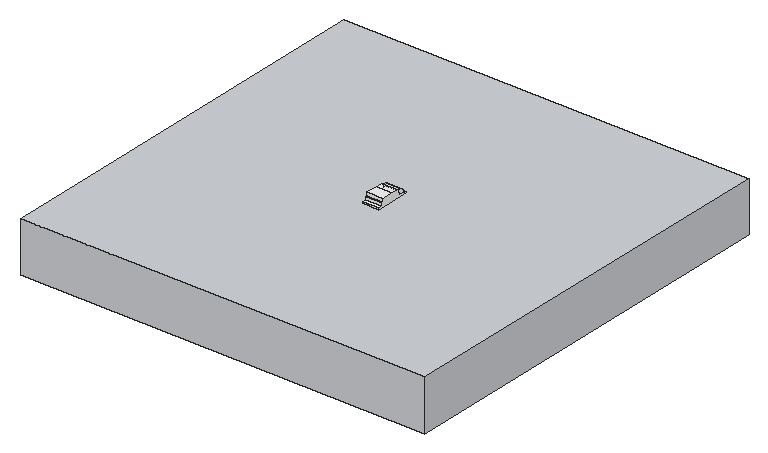
Revit family "Legrand_Lighting_Management_SCS_Actuator", category Dispositifs d'éclairage, Revit 2020
Family settings
  Hôte = Face
  Conserver l'orientation des annotations = Non
  Cote de connecteur circulaire = Utiliser le diamètre
  Type d'élément = Normal
  Couper avec des vides une fois chargée = Non
  Partagée = Non
  Point de calcul de pièce = Non
Parameters (values of type "Dimming 0-10V 2 outputs")
  Voltage type = ""
  Variation DALI 4 sorties = no
  Variation 0-10V 4 sorties = no
  Variation 0-10V 2 sorties = yes
  URL = "http://www.legrandoc.com/048842"
  Temperature (MIN) (°C) = 0
  Temperature (MAX) (°C) = 0
  Suitable for wireless transmission = no
  Substation input = yes
  Response value sensitivity adjustable = no
  Response value luminosity adjustable = no
  Response value luminosity (MIN) (lx) = 0
  Response value luminosity (MAX) (lx) = 0
  Remote operation = no
  RAL-number (akin) = 0
  ON/OFF 2 sorties 16A = no
  Nominal voltage (V) = 0
  Multi applications 2 sorties éclairage, 1 sortie volet et 1 sortie VMC = no
  Mounting method = "Surface mounted (plaster)"
  Modèle = "048842"
  Model = "Control module"
  Min. switch-on time (s) = 0
  Maximum mounting height (m) = 0
  Max. transmission range sideways (m) = 0
  Max. transmission range frontally (m) = 0
  Max. switching power (W) = 0
  Max. starting current (A) = 0
  Max. duty cycle (mn) = 0
  Liaison neutre = no
  HVAC-control = no
  General Conditions of Use = "https://export.legrand.com/en/terms-of-use-BIM-objects"
  Frequency (MIN) (Hz) = 50
  Frequency (MAX) (Hz) = 60
  Forced switch off = no
  Fabricant = "Legrand"
  Default Elevation = 1219.2 mm
  Types de modélisations = Modelisation 84 : Ref 048842
  Dim function with dimmer basic element = no
  Diameter detection range on floor (m) = 0
  Detection angle horizontal (MIN) (°) = 0
  Detection angle horizontal (MAX) (°) = 0
  Description = "Lighting management-dimmer room controller-ceiling mounting-2 outputs 0/10 V"
  Degree of protection (IP) = "IP20"
  Cosses d'artère secondaire = no
  Constant light control = no
  Colour = none
  Collecteur de terre = no
  Alarm function = no
Types (7, lengths in mm): name | Variation DALI 4 sorties | Variation 0-10V 4 sorties | Variation 0-10V 2 sorties | URL | Substation input | ON/OFF 2 sorties 16A | Multi applications 2 sorties éclairage, 1 sortie volet et 1 sortie VMC | Mounting method | Modèle | Model | Max. switching power (W) | Frequency (MIN) (Hz) | Frequency (MAX) (Hz) | Types de modélisations | Description
  (no name) | no | no | yes | "http://www.legrandoc.com/048842" | yes | no | no | "Surface mounted (plaster)" | "048842" | "Control module" | 0 | 50 | 60 | Modelisation 84 : Ref 048842 | "Lighting management-dimmer room controller-ceiling mounting-2 outputs 0/10 V"
  ON/OFF 2 outputs 16A | no | no | no | "http://www.legrandoc.com/048841" | no | yes | no | "Wall duct" | "048841" | "" | 3680 | 0 | 0 | Modelisation 84 : Ref 048841 | "Lighting management-room controller ON/OFF-ceiling mounting-2 outputs-16 A"
  Dimming 0-10V 2 outputs | no | no | yes | "http://www.legrandoc.com/048842" | yes | no | no | "Surface mounted (plaster)" | "048842" | "Control module" | 0 | 50 | 60 | Modelisation 84 : Ref 048842 | "Lighting management-dimmer room controller-ceiling mounting-2 outputs 0/10 V"
  Dimming 0-10V 4 outputs | no | yes | no | "http://www.legrandoc.com/048843" | yes | no | no | "Surface mounted (plaster)" | "048843" | "Control module" | 0 | 50 | 60 | Modelisation 85 : Modelisation 85 | "Lighting management-dimmer room controller-ceiling mounting-4 outputs 0/10 V"
  Dimming DALI 4 outputs | yes | no | no | "http://www.legrandoc.com/048844" | yes | no | no | "Surface mounted (plaster)" | "048844" | "Control module" | 0 | 50 | 60 | Modelisation 85 : Modelisation 85 | "Lighting management-dimmer room controller-8 outputs for DALI ballasts"
  Multi app 2 light output, 1 shutter output, 1 CMV output | no | no | no | "http://www.legrandoc.com/048847" | no | no | yes | "Other" | "048847" | "Control module" | 0 | 50 | 60 | Modelisation 85 : Modelisation 85 | "Lighting management-room controller ON/OFF-2 outputs blind/shutter control-16 A"
  Halogen Dimming BT/TBT 2 outputs | no | no | no | "http://www.legrandoc.com/048845" | yes | no | no | "Surface mounted (plaster)" | "048845" | "Control module" | 0 | 50 | 60 | Modelisation 86 : Modelisation 86 | "Lighting management-dimmer room controller-ceiling mounting-2 outputs all load"
Reference planes
  plane 1 "Centre (avant/arrière)": y = 0
  plane 2: z = 0
  plane 3 "Centre (gauche/droite)": x = 0
Forms (mm)
  Extrusion 1, solid
    sketch origin (0, 0, 0) x (1, 0, 0) y (0, 1, 0)
      loop
        line (-1219.2, 1219.2) -> (-1219.2, -1219.2) -> (1219.2, -1219.2) -> (1219.2, 1219.2) -> (-1219.2, 1219.2)
    from 0 to -304.8
Dimensions and locks
  aligned and locked: plane 2 to Extrusion 1
  aligned and locked: level to Extrusion 1
Nested families
  nested 1: "Modelisation 84" at (-25.75, 0, 0), type <- "Types de modélisations", type "Ref 048842"
    with Largeur 95.5 mm, Commande 048842 yes, Commande 048841 no
Connectors
  electrical at (0, 0, 0)
    settings: index 1, voltage 230 V, apparent load 0 VA, apparent load phase1 0 VA, apparent load phase2 0 VA, apparent load phase3 0 VA, power factor 1, load classification "Eclairage", number of poles 1, system type 30, power factor state 1, is connector primary yes, connector utility no, sub classification motor no, connector description ""
Definition of nested family "Modelisation 84"
  Parameters (values of type "Modelisaton 84 -  048841")
    Matériau couleur = none
    Longueur = 207 mm
    Largeur = 70.5 mm
    built-in parameter 1140140 [instance] = 1 (stored number, unit not read)
    Hauteur = 49 mm
    Default Elevation = 0 mm
    D2 = 7.5 mm
    D1 = 15 mm
    built-in parameter 1140142 [instance] = -1
    Commande 048842 = no
    Commande 048841 = yes
    built-in parameter 1155100 [instance] = -1
  Types (3, lengths in mm): name | Largeur | Commande 048842 | Commande 048841
    (no name) | 70.5 | no | yes
    Modelisation 84 - 048842 | 95.5 | yes | no
    Modelisaton 84 -  048841 | 70.5 | no | yes
  Reference planes
    plane 1 "Centre (avant/arrière)": y = 0
    plane 2: z = 0
    plane 3 "Centre (gauche/droite)": x = 25.75
    plane 4: z = 49
    plane 5: z = 3.5
    plane 6: z = 10.5
    plane 7: x = 61
    plane 8: x = -9.5
    plane 9: y = 103.5
    plane 10: y = -103.5
    plane 11: y = -72.011
    plane 12: x = 59.5
    plane 13: x = -8
    plane 14: y = -80.011
    plane 15: y = 80
    plane 16: y = 78.5
    plane 17: x = 46
    plane 18: y = -64.511
    plane 19: x = 46
  Forms (mm)
    Extrusion 1, solid, material <- "Matériau couleur"
      sketch origin (0, 41, 0) x (1, 0, 0) y (0, 1, 0)
        loop
          line (-9.5, 0) -> (-9.5, -144.5) -> (61, -144.5) -> (61, 0) -> (61, 62.5) -> (-9.5, 62.5) -> (-9.5, 0)
      from 3.5 to 10.5
    Extrusion 2, solid, material <- "Matériau couleur"
      sketch origin (25.75, 41, 0) x (0, 1, 0) y (0, 0, 1)
        loop
          line (39, 10.5) -> (39, 12.063) -> (36.989, 12.063)
          arc (36.989, 12.063) -> (12.73, 20.422) -> (-1.229, 41.951) r 39.379
          line (-1.229, 41.951) -> (-1.229, 45.634)
          arc (-1.229, 45.634) -> (-21.255, 48.157) -> (-41.422, 49) r 241.648
          line (-41.422, 49) -> (-113.011, 49) -> (-113.011, 29) -> (-121.011, 29) -> (-121.011, 10.5) -> (39, 10.5)
      from -35.25 to 35.25
    Extrusion 3, solid, material <- "Matériau couleur"
      sketch origin (25.75, 41, 0) x (0, 1, 0) y (0, 0, 1)
        loop
          line (37.5, 12.066) -> (37.5, 30.576)
          arc (37.5, 30.576) -> (37.148, 31.642) -> (36.378, 32.457) r 2.585
          arc (36.378, 32.457) -> (32.554, 35.274) -> (28.309, 37.405) r 28.011
          arc (28.309, 37.405) -> (13.776, 42.22) -> (-1.229, 45.253) r 127.111
          line (-1.229, 45.253) -> (-1.229, 41.951)
          arc (-1.229, 41.951) -> (12.932, 20.265) -> (37.5, 12.066) r 39.379
      from -33.75 to 33.75
  Cuts and joins
    joined: Extrusion 1, Extrusion 2
  Lines and regions (mm)
    model lines, not visible
      curve 1: line (86, 0, 0) -> (0, 0, 0)
      curve 2: line (0, 0, 0) -> (0, -52.187, 0)
      curve 3: arc (86, 0, 0) -> (84.972, -12.666, 0) -> (79.53, -24.148, 0) r 35.33
      curve 4: arc (79.53, -24.148, 0) -> (72.004, -39.03, 0) -> (69.387, -55.499, 0) r 53.916
      curve 5: line (56, -61, 0) -> (61, -60.563, 0)
      curve 6: line (61, -60.563, 0) -> (61, -59.687, 0)
      curve 7: arc (61, -59.687, 0) -> (65.726, -58.66, 0) -> (69.387, -55.499, 0) r 9.813
      curve 8: arc (0, -52.187, 0) -> (22.855, -55.983, 0) -> (46, -57.022, 0) r 193.641
      curve 9: arc (46, -57.022, 0) -> (51.397, -58.014, 0) -> (56, -61, 0) r 14.03
      curve 10: arc (0, -51, -35) -> (0, -46.894, -36.173) -> (0, -43.086, -38.106) r 22.313
      curve 11: line (0, -26, -43.1) -> (0, -21, -43.1)
      curve 12: arc (0, -43.086, -38.106) -> (0, -34.806, -42.622) -> (0, -26, -46) r 71.004
      curve 13: line (0, -26, -46) -> (0, -21, -46)
      curve 14: line (0, -21, -46) -> (0, -18.947, -48.932)
      curve 15: line (0, -18.947, -48.932) -> (0, -12.425, -52)
      curve 16: line (0, -12.425, -52) -> (0, 0, -52)
      curve 17: line (-35.5, 0, 0) -> (-35.5, 91.261, 0)
      curve 18: line (-31.215, 115.5, 0) -> (31.215, 115.5, 0)
      curve 19: line (35.5, 91.261, 0) -> (35.5, 0, 0)
      curve 20: arc (-35.5, 91.261, 0) -> (-34.744, 93.571, 0) -> (-32.498, 94.5, 0) r 2.907
      curve 21: line (-32.498, 94.5, 0) -> (-32.498, 105, 0)
      curve 22: arc (-35.5, 108.239, 0) -> (-34.744, 105.929, 0) -> (-32.498, 105, 0) r 2.907
      curve 23: arc (-35.5, 108.239, 0) -> (-34.746, 111.454, 0) -> (-33.278, 114.413, 0) r 14.377
      curve 24: arc (-33.483, 114.087, 0) -> (-32.538, 115.098, 0) -> (-31.215, 115.5, 0) r 2.672
      curve 25: arc (35.5, 91.261, 0) -> (34.744, 93.571, 0) -> (32.498, 94.5, 0) r 2.907
      curve 26: line (32.498, 94.5, 0) -> (32.498, 105, 0)
      curve 27: arc (35.5, 108.239, 0) -> (34.744, 105.929, 0) -> (32.498, 105, 0) r 2.907
      curve 28: arc (35.5, 108.239, 0) -> (34.746, 111.454, 0) -> (33.278, 114.413, 0) r 14.377
      curve 29: arc (33.483, 114.087, 0) -> (32.538, 115.098, 0) -> (31.215, 115.5, 0) r 2.672
      curve 30: line (-35.5, 0, 0) -> (-35.5, -91.261, 0)
      curve 31: line (-31.215, -115.5, 0) -> (31.215, -115.5, 0)
      curve 32: line (35.5, -91.261, 0) -> (35.5, 0, 0)
      curve 33: arc (-35.5, -91.261, 0) -> (-34.744, -93.571, 0) -> (-32.498, -94.5, 0) r 2.907
      curve 34: line (-32.498, -94.5, 0) -> (-32.498, -105, 0)
      curve 35: arc (-35.5, -108.239, 0) -> (-34.744, -105.929, 0) -> (-32.498, -105, 0) r 2.907
      curve 36: arc (-35.5, -108.239, 0) -> (-34.746, -111.454, 0) -> (-33.278, -114.413, 0) r 14.377
      curve 37: arc (-33.483, -114.087, 0) -> (-32.538, -115.098, 0) -> (-31.215, -115.5, 0) r 2.672
      curve 38: arc (35.5, -91.261, 0) -> (34.744, -93.571, 0) -> (32.498, -94.5, 0) r 2.907
      curve 39: line (32.498, -94.5, 0) -> (32.498, -105, 0)
      curve 40: arc (35.5, -108.239, 0) -> (34.744, -105.929, 0) -> (32.498, -105, 0) r 2.907
      curve 41: arc (35.5, -108.239, 0) -> (34.746, -111.454, 0) -> (33.278, -114.413, 0) r 14.377
      curve 42: arc (33.483, -114.087, 0) -> (32.538, -115.098, 0) -> (31.215, -115.5, 0) r 2.672
      curve 43: arc (0, 0, 44) -> (0, 29.131, 42.614) -> (0, 57.75, 37) r 199.673
      curve 44: line (0, 94.502, 7) -> (0, 94.502, 10)
      curve 45: line (0, 57.75, 37) -> (0, 57.75, 34)
      curve 46: arc (0, 57.75, 34) -> (0, 72.329, 16.185) -> (0, 94.502, 10) r 38.151
      curve 47: arc (0, 0, 44) -> (0, -29.131, 42.614) -> (0, -57.75, 37) r 199.673
      curve 48: line (0, -94.502, 7) -> (0, -94.502, 10)
      curve 49: line (0, -57.75, 37) -> (0, -57.75, 34)
      curve 50: arc (0, -57.75, 34) -> (0, -72.329, 16.185) -> (0, -94.502, 10) r 38.151
      curve 51: line (0, 94.502, 7) -> (0, -94.502, 7)
      curve 52: line (-58.5, -27.5, 0) -> (-58.5, -93.429, 0)
      curve 53: line (-58.5, -93.429, 0) -> (31, -93.429, 0)
      curve 54: line (31, -93.429, 0) -> (31, -77.429, 0)
      curve 55: line (31, -77.429, 0) -> (58.5, -77.429, 0)
      curve 56: line (58.5, -77.429, 0) -> (58.5, -27.5, 0)
      curve 57: line (58.5, -27.5, 0) -> (-58.5, -27.5, 0)
      curve 66: line (-32.6, -105.429, 23.296) -> (-39.5, -105.429, 23.296)
      curve 67: line (-39.5, -105.429, 23.296) -> (-39.5, -105.429, 21.296)
      curve 68: line (-39.5, -105.429, 21.296) -> (-41.5, -105.429, 21.296)
      curve 69: line (-41.5, -105.429, 21.296) -> (-41.5, -105.429, 14.5)
      curve 70: line (-41.5, -105.429, 14.5) -> (-40.5, -105.429, 14.5)
      curve 71: line (-40.5, -105.429, 14.5) -> (-40.5, -105.429, 12.5)
      curve 72: line (-40.5, -105.429, 12.5) -> (-32.6, -105.429, 12.5)
      curve 73: line (-32.6, -105.429, 12.5) -> (-31.6, -105.429, 12.5)
      curve 74: line (-31.6, -105.429, 12.5) -> (-31.6, -105.429, 14.5)
      curve 75: line (-31.6, -105.429, 14.5) -> (-30.6, -105.429, 14.5)
      curve 76: line (-30.6, -105.429, 14.5) -> (-30.6, -105.429, 21.296)
      curve 77: line (-30.6, -105.429, 21.296) -> (-32.6, -105.429, 21.296)
      curve 78: line (-32.6, -105.429, 21.296) -> (-32.6, -105.429, 23.296)
      curve 79: circle (20, -71.389, 0) r 5 normal (0, 0, 1)
      curve 80: arc (24.898, -67.924, 0) -> (14, -71.389, 0) -> (24.898, -74.855, 0) r 6
      curve 81: arc (33, -69.389, 0) -> (35, -71.389, 0) -> (33, -73.389, 0) r 2
      curve 82: arc (24.898, -67.924, 0) -> (28.883, -69.02, 0) -> (33, -69.389, 0) r 23.125
      curve 83: arc (24.898, -74.855, 0) -> (28.883, -73.759, 0) -> (33, -73.389, 0) r 23.125
      curve 84: circle (32.864, -71.389, 0) r 1.5 normal (0, 0, 1)
      curve 85: line (-43.5, 0, 25.296) -> (31, 0, 25.296)
      curve 86: line (-43.5, 0, 10.5) -> (-43.5, 0, 25.296)
      curve 87: line (31, 0, 10.5) -> (-43.5, 0, 10.5)
      curve 88: line (31, 0, 25.296) -> (31, 0, 10.5)
      curve 89: line (-28.6, -105.429, 25.296) -> (-28.6, -105.429, 10.5)
      curve 90: line (-13.7, -105.429, 25.296) -> (-13.7, -105.429, 10.5)
      curve 91: line (16.1, -105.429, 25.296) -> (16.1, -105.429, 10.5)
      curve 92: line (-43.5, -105.429, 25.296) -> (31, -105.429, 25.296)
      curve 93: line (-43.5, -105.429, 10.5) -> (-43.5, -105.429, 25.296)
      curve 94: line (31, -105.429, 10.5) -> (-43.5, -105.429, 10.5)
      curve 95: line (31, -105.429, 25.296) -> (31, -105.429, 10.5)
      curve 96: line (-32.6, -105.429, 23.296) -> (-39.5, -105.429, 23.296)
      curve 97: line (-39.5, -105.429, 23.296) -> (-39.5, -105.429, 21.296)
      curve 98: line (-39.5, -105.429, 21.296) -> (-41.5, -105.429, 21.296)
      curve 99: line (-41.5, -105.429, 21.296) -> (-41.5, -105.429, 14.5)
      curve 100: line (-41.5, -105.429, 14.5) -> (-40.5, -105.429, 14.5)
      curve 101: line (-40.5, -105.429, 14.5) -> (-40.5, -105.429, 12.5)
      curve 102: line (-40.5, -105.429, 12.5) -> (-32.6, -105.429, 12.5)
      curve 103: line (-32.6, -105.429, 12.5) -> (-31.6, -105.429, 12.5)
      curve 104: line (-31.6, -105.429, 12.5) -> (-31.6, -105.429, 14.5)
      curve 105: line (-31.6, -105.429, 14.5) -> (-30.6, -105.429, 14.5)
      curve 106: line (-30.6, -105.429, 14.5) -> (-30.6, -105.429, 21.296)
      curve 107: line (-30.6, -105.429, 21.296) -> (-32.6, -105.429, 21.296)
      curve 108: line (-32.6, -105.429, 21.296) -> (-32.6, -105.429, 23.296)
      curve 109: line (-17.7, -105.429, 23.296) -> (-24.6, -105.429, 23.296)
      curve 110: line (-24.6, -105.429, 23.296) -> (-24.6, -105.429, 21.296)
      curve 111: line (-24.6, -105.429, 21.296) -> (-26.6, -105.429, 21.296)
      curve 112: line (-26.6, -105.429, 21.296) -> (-26.6, -105.429, 14.5)
      curve 113: line (-26.6, -105.429, 14.5) -> (-25.6, -105.429, 14.5)
      curve 114: line (-25.6, -105.429, 14.5) -> (-25.6, -105.429, 12.5)
      curve 115: line (-25.6, -105.429, 12.5) -> (-17.7, -105.429, 12.5)
      curve 116: line (-17.7, -105.429, 12.5) -> (-16.7, -105.429, 12.5)
      curve 117: line (-16.7, -105.429, 12.5) -> (-16.7, -105.429, 14.5)
      curve 118: line (-16.7, -105.429, 14.5) -> (-15.7, -105.429, 14.5)
      curve 119: line (-15.7, -105.429, 14.5) -> (-15.7, -105.429, 21.296)
      curve 120: line (-15.7, -105.429, 21.296) -> (-17.7, -105.429, 21.296)
      curve 121: line (-17.7, -105.429, 21.296) -> (-17.7, -105.429, 23.296)
      curve 122: line (27, -105.429, 23.296) -> (20.1, -105.429, 23.296)
      curve 123: line (20.1, -105.429, 23.296) -> (20.1, -105.429, 21.296)
      curve 124: line (20.1, -105.429, 21.296) -> (18.1, -105.429, 21.296)
      curve 125: line (18.1, -105.429, 21.296) -> (18.1, -105.429, 14.5)
      curve 126: line (18.1, -105.429, 14.5) -> (19.1, -105.429, 14.5)
      curve 127: line (19.1, -105.429, 14.5) -> (19.1, -105.429, 12.5)
      curve 128: line (19.1, -105.429, 12.5) -> (27, -105.429, 12.5)
      curve 129: line (27, -105.429, 12.5) -> (28, -105.429, 12.5)
      curve 130: line (28, -105.429, 12.5) -> (28, -105.429, 14.5)
      curve 131: line (28, -105.429, 14.5) -> (29, -105.429, 14.5)
      curve 132: line (29, -105.429, 14.5) -> (29, -105.429, 21.296)
      curve 133: line (29, -105.429, 21.296) -> (27, -105.429, 21.296)
      curve 134: line (27, -105.429, 21.296) -> (27, -105.429, 23.296)
      curve 135: circle (20, -71.384, 0) r 5 normal (0, 0, 1)
      curve 136: arc (24.898, -67.918, 0) -> (14, -71.384, 0) -> (24.898, -74.85, 0) r 6
      curve 137: arc (33, -69.384, 0) -> (35, -71.384, 0) -> (33, -73.384, 0) r 2
      curve 138: arc (24.898, -67.918, 0) -> (28.883, -69.015, 0) -> (33, -69.384, 0) r 23.125
      curve 139: arc (24.898, -74.85, 0) -> (28.883, -73.754, 0) -> (33, -73.384, 0) r 23.125
      curve 140: circle (32.864, -71.384, 0) r 1.5 normal (0, 0, 1)
      curve 141: circle (20, -71.384, 0) r 5 normal (0, 0, 1)
      curve 142: arc (33, -69.384, 0) -> (35, -71.384, 0) -> (33, -73.384, 0) r 2
      curve 143: arc (24.898, -67.918, 0) -> (28.883, -69.015, 0) -> (33, -69.384, 0) r 23.125
      curve 144: arc (24.898, -74.85, 0) -> (28.883, -73.754, 0) -> (33, -73.384, 0) r 23.125
      curve 145: circle (32.864, -71.384, 0) r 1.5 normal (0, 0, 1)
      curve 146: arc (24.898, -67.918, 0) -> (14, -71.384, 0) -> (24.898, -74.85, 0) r 6
      curve 165: line (-43.5, 0, 10.5) -> (-43.5, 0, 25.296)
      curve 166: line (6.7, -97.429, 25.296) -> (6.7, -97.429, 10.5)
      curve 167: line (24.35, -97.429, 25.296) -> (24.35, -97.429, 10.5)
      curve 168: line (42, -97.429, 10.5) -> (27.1, -97.429, 10.5)
      curve 169: line (42, -97.429, 25.296) -> (42, -97.429, 10.5)
      curve 170: line (2.7, -97.429, 23.296) -> (-4.2, -97.429, 23.296)
      curve 171: line (-4.2, -97.429, 23.296) -> (-4.2, -97.429, 21.296)
      curve 172: line (-4.2, -97.429, 21.296) -> (-6.2, -97.429, 21.296)
      curve 173: line (-6.2, -97.429, 21.296) -> (-6.2, -97.429, 14.5)
      curve 174: line (-6.2, -97.429, 14.5) -> (-5.2, -97.429, 14.5)
      curve 175: line (-5.2, -97.429, 14.5) -> (-5.2, -97.429, 12.5)
      curve 176: line (-5.2, -97.429, 12.5) -> (2.7, -97.429, 12.5)
      curve 177: line (2.7, -97.429, 12.5) -> (3.7, -97.429, 12.5)
      curve 178: line (3.7, -97.429, 12.5) -> (3.7, -97.429, 14.5)
      curve 179: line (3.7, -97.429, 14.5) -> (4.7, -97.429, 14.5)
      curve 180: line (4.7, -97.429, 14.5) -> (4.7, -97.429, 21.296)
      curve 181: line (4.7, -97.429, 21.296) -> (2.7, -97.429, 21.296)
      curve 182: line (2.7, -97.429, 21.296) -> (2.7, -97.429, 23.296)
      curve 183: line (20.35, -97.429, 23.296) -> (13.45, -97.429, 23.296)
      curve 184: line (13.45, -97.429, 23.296) -> (13.45, -97.429, 21.296)
      curve 185: line (13.45, -97.429, 21.296) -> (11.45, -97.429, 21.296)
      curve 186: line (11.45, -97.429, 21.296) -> (11.45, -97.429, 14.5)
      curve 187: line (11.45, -97.429, 14.5) -> (12.45, -97.429, 14.5)
      curve 188: line (12.45, -97.429, 14.5) -> (12.45, -97.429, 12.5)
      curve 189: line (12.45, -97.429, 12.5) -> (20.35, -97.429, 12.5)
      curve 190: line (20.35, -97.429, 12.5) -> (21.35, -97.429, 12.5)
      curve 191: line (21.35, -97.429, 12.5) -> (21.35, -97.429, 14.5)
      curve 192: line (21.35, -97.429, 14.5) -> (22.35, -97.429, 14.5)
      curve 193: line (22.35, -97.429, 14.5) -> (22.35, -97.429, 21.296)
      curve 194: line (22.35, -97.429, 21.296) -> (20.35, -97.429, 21.296)
      curve 195: line (20.35, -97.429, 21.296) -> (20.35, -97.429, 23.296)
      curve 196: line (38, -97.429, 23.296) -> (31.1, -97.429, 23.296)
      curve 197: line (31.1, -97.429, 23.296) -> (31.1, -97.429, 21.296)
      curve 198: line (31.1, -97.429, 21.296) -> (29.1, -97.429, 21.296)
      curve 199: line (29.1, -97.429, 21.296) -> (29.1, -97.429, 14.5)
      curve 200: line (29.1, -97.429, 14.5) -> (30.1, -97.429, 14.5)
      curve 201: line (30.1, -97.429, 14.5) -> (30.1, -97.429, 12.5)
      curve 202: line (30.1, -97.429, 12.5) -> (38, -97.429, 12.5)
      curve 203: line (38, -97.429, 12.5) -> (39, -97.429, 12.5)
      curve 204: line (39, -97.429, 12.5) -> (39, -97.429, 14.5)
      curve 205: line (39, -97.429, 14.5) -> (40, -97.429, 14.5)
      curve 206: line (40, -97.429, 14.5) -> (40, -97.429, 21.296)
      curve 207: line (40, -97.429, 21.296) -> (38, -97.429, 21.296)
      curve 208: line (38, -97.429, 21.296) -> (38, -97.429, 23.296)
      curve 209: line (-8.2, -97.429, 25.296) -> (-8.2, -97.429, 10.5)
      curve 210: line (9.45, -97.429, 25.296) -> (9.45, -97.429, 10.5)
      curve 211: line (27.1, -97.429, 25.296) -> (27.1, -97.429, 10.5)
      curve 212: line (-8.2, -97.429, 25.296) -> (6.7, -97.429, 25.296)
      curve 213: line (6.7, -97.429, 10.5) -> (-8.2, -97.429, 10.5)
      curve 214: line (9.45, -97.429, 25.296) -> (24.35, -97.429, 25.296)
      curve 215: line (27.1, -97.429, 25.296) -> (42, -97.429, 25.296)
      curve 216: line (24.35, -97.429, 10.5) -> (9.45, -97.429, 10.5)
    model lines, visible <- "Commande 048842"
      curve 58: line (5.5, -13.081, 49) -> (5.5, -64.511, 49)
      curve 59: line (46, -64.511, 49) -> (46, -13.081, 49)
      curve 60: line (46, -13.081, 49) -> (5.5, -13.081, 49)
      curve 61: circle (43.516, -44.796, 49) r 1.5 normal (0, 0, 1)
      curve 147: line (5.5, -64.511, 49) -> (46, -64.511, 49)
      curve 148: circle (13.25, -51.296, 49) r 4 normal (0, 0, 1)
      curve 151: circle (13.25, -40.296, 49) r 4 normal (0, 0, 1)
      curve 152: circle (23.75, -51.296, 49) r 4 normal (0, 0, 1)
      curve 153: circle (18.5, -47.296, 49) r 1.5 normal (0, 0, 1)
      curve 154: circle (23.75, -40.296, 49) r 4 normal (0, 0, 1)
      curve 155: circle (8, -47.296, 49) r 1.5 normal (0, 0, 1)
      curve 156: circle (43.516, -39.796, 49) r 1.5 normal (0, 0, -1)
      curve 157: circle (38.25, -36.296, 49) r 4 normal (0, 0, 1)
    model lines, visible <- "Commande 048842", not visible
      curve 62: line (11.5, -41, 0) -> (11.5, -92.429, 0)
      curve 63: line (52, -92.429, 0) -> (52, -41, 0)
      curve 64: line (52, -41, 0) -> (11.5, -41, 0)
      curve 65: circle (49.516, -72.715, 0) r 1.5 normal (0, 0, 1)
      curve 149: line (11.5, -92.429, 0) -> (52, -92.429, 0)
      curve 150: circle (19.25, -79.215, 0) r 4 normal (0, 0, 1)
      curve 158: circle (19.25, -68.215, 0) r 4 normal (0, 0, 1)
      curve 159: circle (29.75, -79.215, 0) r 4 normal (0, 0, 1)
      curve 160: circle (24.5, -75.215, 0) r 1.5 normal (0, 0, 1)
      curve 161: circle (29.75, -68.215, 0) r 4 normal (0, 0, 1)
      curve 162: circle (14, -75.215, 0) r 1.5 normal (0, 0, 1)
      curve 163: circle (49.516, -67.715, 0) r 1.5 normal (0, 0, -1)
      curve 164: circle (44.25, -64.215, 0) r 4 normal (0, 0, 1)
    model lines, visible <- "Commande 048841"
      curve 217: line (5.5, -13.081, 49) -> (5.5, -64.511, 49)
      curve 218: line (46, -64.511, 49) -> (46, -13.081, 49)
      curve 219: line (46, -13.081, 49) -> (5.5, -13.081, 49)
      curve 220: circle (43.516, -44.796, 49) r 1.5 normal (0, 0, 1)
      curve 221: line (5.5, -64.511, 49) -> (46, -64.511, 49)
      curve 222: circle (13.25, -51.296, 49) r 4 normal (0, 0, 1)
      curve 223: circle (23.75, -51.296, 49) r 4 normal (0, 0, 1)
      curve 224: circle (18.5, -47.296, 49) r 1.5 normal (0, 0, 1)
      curve 225: circle (8, -47.296, 49) r 1.5 normal (0, 0, 1)
      curve 226: circle (43.516, -39.796, 49) r 1.5 normal (0, 0, -1)
      curve 227: circle (38.25, -36.296, 49) r 4 normal (0, 0, 1)
    model lines, visible <- "Commande 048841", not visible
      curve 228: line (73.5, -13.081, 49) -> (73.5, -64.511, 49)
      curve 229: line (114, -64.511, 49) -> (114, -13.081, 49)
      curve 230: line (114, -13.081, 49) -> (73.5, -13.081, 49)
      curve 231: circle (111.516, -44.796, 49) r 1.5 normal (0, 0, 1)
      curve 232: line (73.5, -64.511, 49) -> (114, -64.511, 49)
      curve 233: circle (81.25, -51.296, 49) r 4 normal (0, 0, 1)
      curve 234: circle (91.75, -51.296, 49) r 4 normal (0, 0, 1)
      curve 235: circle (86.5, -47.296, 49) r 1.5 normal (0, 0, 1)
      curve 236: circle (76, -47.296, 49) r 1.5 normal (0, 0, 1)
      curve 237: circle (111.516, -39.796, 49) r 1.5 normal (0, 0, -1)
      curve 238: circle (106.25, -36.296, 49) r 4 normal (0, 0, 1)
  Dimensions and locks
    "Hauteur": plane 4 to plane 2
    "Largeur": plane 8 to plane 7
    "Longueur": plane 10 to plane 9
    locked: plane 12 to plane 7 at 1.5
    locked: plane 8 to plane 13 at 1.5
    plane 10 to plane 14 to plane 11 = 23.489 mm locked, 8 mm locked
    plane 16 to plane 15 to plane 9 = 1.5 mm locked, 23.5 mm locked
    equal spacing: plane 8, plane 3 "Centre (gauche/droite)", plane 7
    equal spacing: plane 10, plane 1 "Centre (avant/arrière)", plane 9
    "D1": plane 19 to plane 7
    aligned and locked: level to plane 2
    aligned and locked: plane 4 to cut or joined group of Extrusion 1, Extrusion 2
    aligned and locked: cut or joined group of Extrusion 1, Extrusion 2 to cut or joined group of Extrusion 1, Extrusion 2  (x2)
    aligned and locked: plane 8 to cut or joined group of Extrusion 1, Extrusion 2  (x10)
    aligned and locked: cut or joined group of Extrusion 1, Extrusion 2 to plane 7  (x8)
    aligned and locked: plane 10 to cut or joined group of Extrusion 1, Extrusion 2  (x4)
    aligned and locked: cut or joined group of Extrusion 1, Extrusion 2 to plane 9  (x4)
    aligned and locked: cut or joined group of Extrusion 1, Extrusion 2 to plane 8  (x12)
    aligned and locked: plane 7 to cut or joined group of Extrusion 1, Extrusion 2  (x10)
    aligned and locked: plane 11 to cut or joined group of Extrusion 1, Extrusion 2  (x2)
    aligned and locked: plane 14 to cut or joined group of Extrusion 1, Extrusion 2
    aligned and locked: plane 13 to Extrusion 3
    aligned and locked: Extrusion 3 to plane 12
    aligned and locked: Extrusion 1 to Extrusion 2
    aligned and locked: plane 12 to Extrusion 3
    aligned and locked: Extrusion 1 to plane 7
    aligned and locked: curve 221 to plane 18
    aligned and locked: curve 218 to curve 59
    aligned and locked: curve 218 to plane 19
    aligned and locked: curve 59 to plane 19
  Automatic sketch dimensions
    curve 58 to curve 60 = 40.5 mm
    curve 61 to curve 59 = 2.484 mm
    curve 59 to curve 61 = 19.715 mm
    curve 58 to curve 59 = 0 mm
    curve 61 to curve 60 = 31.715 mm
    curve 157 to curve 156 = 3.5 mm
    curve 157 to curve 154 = 4 mm
    curve 151 to curve 154 = 0 mm
    curve 151 to curve 153 = 7 mm
    curve 151 to curve 155 = 7 mm
    curve 153 to curve 148 = 4 mm
    curve 153 to curve 152 = 4 mm
    curve 155 to curve 151 = 5.25 mm
    curve 155 to curve 148 = 5.25 mm
    curve 148 to curve 153 = 5.25 mm
    curve 153 to curve 152 = 5.25 mm
    curve 153 to curve 154 = 5.25 mm
    curve 157 to curve 156 = 5.266 mm
    curve 148 to curve 147 = 13.215 mm
    curve 147 to curve 148 = 7.75 mm
    curve 62 to curve 64 = 40.5 mm
    curve 65 to curve 63 = 2.484 mm
    curve 63 to curve 65 = 19.715 mm
    curve 62 to curve 63 = 0 mm
    curve 65 to curve 64 = 31.715 mm
    curve 164 to curve 163 = 3.5 mm
    curve 164 to curve 161 = 4 mm
    curve 158 to curve 161 = 0 mm
    curve 158 to curve 160 = 7 mm
    curve 158 to curve 162 = 7 mm
    curve 160 to curve 150 = 4 mm
    curve 160 to curve 159 = 4 mm
    curve 162 to curve 158 = 5.25 mm
    curve 162 to curve 150 = 5.25 mm
    curve 150 to curve 160 = 5.25 mm
    curve 160 to curve 159 = 5.25 mm
    curve 160 to curve 161 = 5.25 mm
    curve 164 to curve 163 = 5.266 mm
    curve 150 to curve 149 = 13.215 mm
    curve 149 to curve 150 = 7.75 mm
    curve 154 to curve 157 = 14.5 mm
    curve 156 to curve 147 = 2.484 mm
    curve 161 to curve 164 = 14.5 mm
    curve 163 to curve 149 = 2.484 mm
    curve 166 to curve 177 = 2 mm
    curve 210 to curve 188 = 2 mm
    curve 168 to curve 204 = 2 mm
    curve 190 to curve 193 = 2 mm
    curve 201 to curve 199 = 2 mm
    curve 203 to curve 204 = 2 mm
    curve 188 to curve 188 = 2 mm
    curve 175 to curve 173 = 2 mm
    curve 177 to curve 178 = 2 mm
    curve 179 to curve 181 = 6.796 mm
    curve 204 to curve 208 = 6.796 mm
    curve 187 to curve 184 = 6.796 mm
    curve 173 to curve 173 = 6.796 mm
    curve 192 to curve 193 = 6.796 mm
    curve 200 to curve 197 = 6.796 mm
    curve 197 to curve 197 = 2 mm
    curve 194 to curve 195 = 2 mm
    curve 181 to curve 170 = 2 mm
    curve 215 to curve 206 = 2 mm
    curve 205 to curve 203 = 1 mm
    curve 206 to curve 208 = 2 mm
    curve 203 to curve 203 = 1 mm
    curve 196 to curve 197 = 6.9 mm
    curve 197 to curve 200 = 1 mm
    curve 197 to curve 198 = 2 mm
    curve 198 to curve 193 = 6.75 mm
    curve 192 to curve 191 = 1 mm
    curve 193 to curve 195 = 2 mm
    curve 190 to curve 190 = 1 mm
    curve 183 to curve 184 = 6.9 mm
    curve 189 to curve 189 = 7.9 mm
    curve 184 to curve 186 = 2 mm
    curve 185 to curve 180 = 6.75 mm
    curve 179 to curve 179 = 1 mm
    curve 180 to curve 170 = 2 mm
    curve 177 to curve 176 = 1 mm
    curve 181 to curve 172 = 6.9 mm
    curve 171 to curve 175 = 1 mm
    curve 171 to curve 173 = 2 mm
    curve 201 to curve 211 = 3 mm
    curve 211 to curve 167 = 2.75 mm
    curve 183 to curve 210 = 4 mm
    curve 175 to curve 209 = 3 mm
    curve 210 to curve 212 = 2.75 mm
    curve 206 to curve 169 = 4 mm
    curve 169 to curve 216 = 0 mm
    curve 213 to curve 216 = 0 mm
    curve 167 to curve 211 = 0 mm
    curve 212 to curve 210 = 0 mm
    curve 217 to curve 219 = 40.5 mm
    curve 220 to curve 218 = 19.871 mm
    curve 218 to curve 220 = 19.871 mm
    curve 217 to curve 218 = 40.5 mm
    curve 220 to curve 219 = 31.812 mm
    curve 227 to curve 226 = 6.323 mm  (x2)
    curve 224 to curve 222 = 6.6 mm
    curve 224 to curve 223 = 6.6 mm  (x2)
    curve 225 to curve 222 = 6.6 mm
    curve 222 to curve 224 = 6.6 mm
    curve 222 to curve 221 = 15.32 mm
    curve 221 to curve 222 = 15.32 mm
    curve 226 to curve 221 = 24.839 mm
    Extrusion 1 sketch curve to plane 8 = 0 mm
    Extrusion 1 sketch curve to plane 7 = 0 mm
    plane 10 to Extrusion 1 sketch curve = 0 mm
    plane 9 to Extrusion 1 sketch curve = 0 mm
    plane 16 to Extrusion 1 sketch curve = 37.5 mm  (x2)
    Extrusion 2 sketch curve to plane 6 = 0 mm
    Extrusion 2 sketch curve to plane 14 = 0 mm
    Extrusion 2 sketch curve to plane 4 = 0 mm
    Extrusion 2 sketch curve to plane 11 = 0 mm
    Extrusion 2 sketch curve to plane 15 = 0 mm
    plane 1 "Centre (avant/arrière)" to Extrusion 2 sketch curve = 0.422 mm
    Extrusion 2 sketch curve to plane 4 = 3.366 mm
    Extrusion 2 sketch curve to plane 1 "Centre (avant/arrière)" = 39.771 mm
    plane 16 to Extrusion 2 sketch curve = 0.511 mm
    plane 6 to Extrusion 2 sketch curve = 1.563 mm
    plane 6 to Extrusion 2 sketch curve = 18.5 mm
    Extrusion 2 sketch curve to Extrusion 2 sketch curve = 3.683 mm
    Extrusion 3 sketch curve to plane 16 = 0 mm
    plane 16 to Extrusion 3 sketch curve = 0.511 mm
    plane 16 to Extrusion 3 sketch curve = 2.572 mm
    plane 6 to Extrusion 3 sketch curve = 0.894 mm
    plane 16 to Extrusion 3 sketch curve = 19.587 mm
    Extrusion 3 sketch curve to plane 4 = 3.747 mm
    Extrusion 3 sketch curve to Extrusion 3 sketch curve = 38.218 mm
    Extrusion 3 sketch curve to plane 1 "Centre (avant/arrière)" = 22.135 mm
    Extrusion 3 sketch curve to level = 80.628 mm
    plane 6 to Extrusion 3 sketch curve = 1.566 mm
    Extrusion 3 sketch curve to Extrusion 3 sketch curve = 7.087 mm
    Extrusion 3 sketch curve to Extrusion 3 sketch curve = 0.259 mm
    Extrusion 3 sketch curve to Extrusion 3 sketch curve = 3.302 mm
    plane 16 to Extrusion 3 sketch curve = 1.122 mm
    curve 217 to curve 225 = 2.5 mm
    curve 225 to curve 222 = 5.25 mm
    curve 222 to curve 224 = 5.25 mm
    curve 224 to curve 223 = 5.25 mm
    curve 223 to curve 227 = 14.5 mm
    curve 227 to curve 226 = 5.266 mm
    curve 220 to curve 226 = 0 mm
    curve 220 to curve 218 = 2.484 mm
    curve 217 to curve 222 = 13.215 mm
    curve 222 to curve 223 = 0 mm
    curve 222 to curve 225 = 4 mm
    curve 223 to curve 224 = 4 mm
    curve 221 to curve 220 = 19.715 mm
    curve 220 to curve 226 = 5 mm
    curve 226 to curve 227 = 3.5 mm
    curve 227 to curve 219 = 23.215 mm
    curve 228 to curve 236 = 2.5 mm
    curve 236 to curve 233 = 5.25 mm
    curve 233 to curve 235 = 5.25 mm
    curve 235 to curve 234 = 5.25 mm
    curve 234 to curve 238 = 14.5 mm
    curve 238 to curve 237 = 5.266 mm
    curve 231 to curve 237 = 0 mm
    curve 231 to curve 229 = 2.484 mm
    curve 228 to curve 233 = 13.215 mm
    curve 233 to curve 234 = 0 mm
    curve 233 to curve 236 = 4 mm
    curve 234 to curve 235 = 4 mm
    curve 232 to curve 231 = 19.715 mm
    curve 231 to curve 237 = 5 mm
    curve 237 to curve 238 = 3.5 mm
    curve 238 to curve 230 = 23.215 mm
    radius of curve 61 = 1.5 mm
    radius of curve 148 = 4 mm
    radius of curve 151 = 4 mm
    radius of curve 152 = 4 mm
    radius of curve 153 = 1.5 mm
    radius of curve 154 = 4 mm
    radius of curve 155 = 1.5 mm
    radius of curve 156 = 1.5 mm
    radius of curve 157 = 4 mm
    radius of curve 65 = 1.5 mm
    radius of curve 150 = 4 mm
    radius of curve 158 = 4 mm
    radius of curve 159 = 4 mm
    radius of curve 160 = 1.5 mm
    radius of curve 161 = 4 mm
    radius of curve 162 = 1.5 mm
    radius of curve 163 = 1.5 mm
    radius of curve 164 = 4 mm
    radius of curve 220 = 1.5 mm  (x2)
    radius of curve 222 = 4 mm  (x2)
    radius of curve 223 = 4 mm  (x2)
    radius of curve 224 = 1.5 mm  (x2)
    radius of curve 225 = 1.5 mm  (x2)
    radius of curve 226 = 1.5 mm  (x2)
    radius of curve 227 = 4 mm  (x2)
    radius of curve 231 = 1.5 mm
    radius of curve 233 = 4 mm
    radius of curve 234 = 4 mm
    radius of curve 235 = 1.5 mm
    radius of curve 236 = 1.5 mm
    radius of curve 237 = 1.5 mm
    radius of curve 238 = 4 mm
